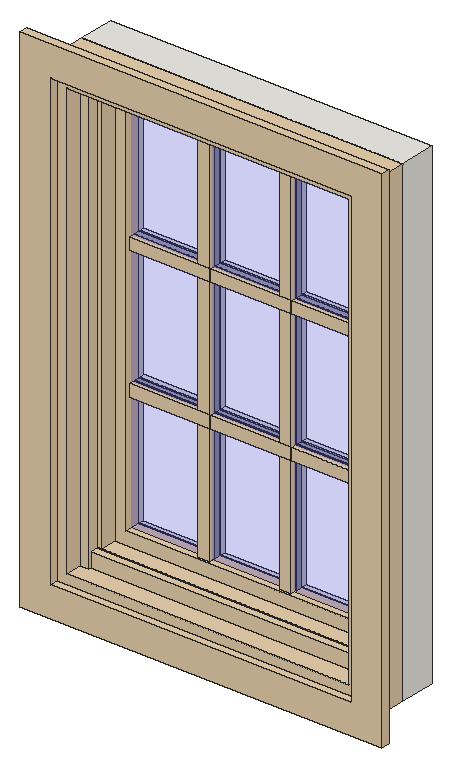
Revit family "Window-Casement-Andersen-A_Series 4", category Windows, host Wall, Revit 2013
Parameters (values of type "19-1/4" x 23-1/4"")
  Visual Light Transmittance = 0.41  # constant formula
  Thermal Resistance (R) = 0.65161  # 3.7000 (h·ft²·°F)/BTU
  TFL = if(Fractional Lights High > 5, 3, if(or(Fractional Lights High = 4, Fractional Lights High = 5), 2, if(or(Fractional Lights High = 2, Fractional Lights High = 3), 1, 1)))  # 1
  TFB = TFL - 1  # 0
  Solar Heat Gain Coefficient = 0.18  # constant formula
  Learn About These Parameters = "http://www.andersenwindows.com/for-professionals/cad-symbols-bim-support-window-doors/bim-support"
  LWide = if(Enter Pattern Number = 3, 3, if(Enter Pattern Number = 1, . . Lights Wide, Fractional Lights Wide))  # 3
  Heat Transfer Coefficient (U) = 1.5331  # 0.2700 BTU/(h·ft²·°F)
  Glazing Material = Glass ‐ Andersen - Low-E4 SmartSun
  Fractional Lights Wide = 2
  Fractional Lights High = 2
  Exterior Unit Finish = Fiberglass - Andersen - White
  Available Grille Bar Sizes = "3/4'', 7/8'', 1 1/8'', 2 1/4''"  # constant formula
  Between Glass Grille Bar Sizes = "3/4'', 1''"  # constant formula
  Interior Casing = yes
  Grille Bar Size = 0' - 0 7/8"
  Enter Pattern Number = 1
  Analytic Construction = "<None>"
  ..Pattern Number 1 = "Colonial"  # constant formula
  . . Lights Wide = 3
  . . Lights High = 3
  ..Pattern Number 2 = "Modified Colonial"  # constant formula
  ..Pattern Number 3 = "Prairie"  # constant formula
  ..Pattern Number 4 = "Short Fractional"  # constant formula
  ..Pattern Number 5 = "Tall Fractional"  # constant formula
  Extension Jamb = yes
  Enter Exterior Trim Number = 0
  ..Exterior Trim Number 0 = "No Exterior Trim"  # constant formula
  ..Exterior Trim Number 1 = "Brick Mould"  # constant formula
  ..Exterior Trim Number 2 = "3 1/2'' Flat Casing"  # constant formula
  ..Exterior Trim Number 3 = "4 1/2'' Flat Casing"  # constant formula
  Interior Grille Bar = yes
  Exterior Grille Bar = yes
  Between Glass Grille Bar = yes
  xjamb Visibility [instance] = and(Wall Depth > 0' 4 9/16", Extension Jamb)  # no
  xjamb S1 [instance] = if(Wall Depth > 0' 4 9/16", Wall Depth - 0' 4 9/16", 0' 3")  # 0' - 3"
  sill nose1 = 0' - 1 13/16"  # constant formula
  sill nose 2 = 0' - 1 15/16"  # constant formula
  casingS2 = if(Enter Exterior Trim Number = 1, 0' 0 3/16", 0' 0 3/16")  # 0' - 0 3/16"
  casingS1 = if(Enter Exterior Trim Number = 1, 0' 0 7/16", 0' 0 3/16")  # 0' - 0 3/16"
  casing4 = if(Enter Exterior Trim Number = 1, 0' 1 3/4", if(Enter Exterior Trim Number = 2, 0' 3 1/4", 0' 4 1/4"))  # 0' - 4 1/4"
  casing3 = 0' - 0 1/2"  # constant formula
  casing2 = 0' - 0 7/8"  # constant formula
  casing1 = 0' - 0 1/4"  # constant formula
  Xjamb 2 = 0' - 0 1/32"
  Xjamb 1 = 0' - 0 23/32"
  Wall Thickness [instance] = 0' - 8"
  Wall Depth [instance] = 0' - 4 9/16"
  Void Offset 2 = if(Enter Exterior Trim Number > 0, 0' 1 15/16", 0' 0")  # 0' - 0"
  Void Offset 1 = if(Enter Exterior Trim Number > 0, casing4, 0' 0")  # 0' - 0"
  Void Depth [instance] = if(Wall Thickness > Wall Depth, 0' 1" + Wall Thickness - Wall Depth, 0' 1")  # 0' - 4 7/16"
  VGB DLO = if(Enter Pattern Number = 3, 0' 4", (H DLO - (Grille Bar Size * (V Bars))) / if(LWide > 2, LWide, 3))  # 0' - 5.20833"
  V Bars = if(Enter Pattern Number = 3, 2, if(LWide > 2, LWide - 1, 2))  # 2
  URL = "www.andersenwindows.com"
  Type Comments = "Fiberglass and Fibrex clad wood casement window"
  TS V DLO = Height - HGO - SGO  # 2' - 4 147/256"
  TS V Bar Length = if(or(Enter Pattern Number = 5, Enter Pattern Number = 2), ((((Height - HGO - SGO - (Grille Bar Size * (Fractional Lights High - 1))) / Fractional Lights High)) * TFL) + (TFB * Grille Bar Size), if(Enter Pattern Number = 4, ((Height - HGO - SGO - (Grille Bar Size * (Fractional Lights High - 1))) / Fractional Lights High), Height - HGO - SGO))  # 2' - 4 147/256"
  TS SH DLO = if(or(Enter Pattern Number = 5, Enter Pattern Number = 2), ((((Height - HGO - SGO - (Grille Bar Size * (Fractional Lights High - 1))) / Fractional Lights High)) * TFL) + (TFB * Grille Bar Size) + HGO + (Grille Bar Size / 2), if(Enter Pattern Number = 4, TS V Bar Length + HGO + (Grille Bar Size / 2), (TS V DLO / 2) + HGO))  # 1' - 5.59961"
  TS S V = or(and(LWide = 2, Enter Pattern Number = 1), and(Fractional Lights Wide = 2, or(or(Enter Pattern Number = 2, Enter Pattern Number = 4), Enter Pattern Number = 5)))  # no
  TS S H Craftsman = and(Enter Pattern Number = 2, or(Fractional Lights High = 4, Fractional Lights High = 5))  # no
  TS S H = or(or(or(and(. . Lights High = 2, Enter Pattern Number = 1), and(Enter Pattern Number = 4, Fractional Lights High > 1)), and(Enter Pattern Number = 5, Fractional Lights High > 1)), and(Enter Pattern Number = 2, Fractional Lights High > 1))  # no
  TS M V = LWide > 2  # yes
  TS M H = or(or(Enter Pattern Number = 3, and(. . Lights High > 2, Enter Pattern Number = 1)), and(Enter Pattern Number = 2, Fractional Lights High > 5))  # yes
  TS HGB DLO = if(Enter Pattern Number = 1, if(. . Lights High > 2, ((TS V Bar Length - (Grille Bar Size * (. . Lights High - 1))) / . . Lights High), 0' 4"), if(Enter Pattern Number = 3, 0' 4", if(Fractional Lights High > 2, ((TS V Bar Length - (Grille Bar Size * 2)) / 3), 0' 4")))  # 0' - 8 241/256"
  TS H Bars = if(Enter Pattern Number = 3, 2, if(Enter Pattern Number = 1, if(. . Lights High > 2, . . Lights High - 1, 2), 2))  # 2
  Step Visibility = no
  Step Jamb2 = 0' - 0 13/16"
  Step Jamb1 = 0' - 1 1/8"  # constant formula
  Sill Stop Dim [instance] = 0' - 3 23/128"
  SGO = 0' - 4 29/256"  # constant formula
  Rough Width = Width + (Rough Opening Offset * 2)  # 2' - 0 3/4"
  Rough Opening Offset = 0' - 0 3/8"
  Rough Height = Height + (Rough Opening Offset * 2)  # 3' - 0 3/4"
  Push Out Stop Visibility [instance] = no
  Product Documentation Link = "http://www.andersenwindows.com/products/a-series-casement-window/"
  Plan Exterior Mask Visibility [instance] = Plan Exterior Mask 2 > 0' 0 1/32"  # yes
  Plan Exterior Mask 2 [instance] = if(Enter Exterior Trim Number > 0, if(Wall Depth + 0' 1 1/16" + casingS1 > Wall Thickness, 0' 0 1/32", Wall Thickness - Wall Depth - 0' 1 1/16" - casingS1), if(Wall Depth + 0' 1 1/16" > Wall Thickness, 0' 0 1/32", Wall Thickness - Wall Depth - 0' 0 1/16"))  # 0' - 3 3/8"
  Plan Exterior Mask [instance] = if(Enter Exterior Trim Number > 0, 0' 1 1/16" + casingS1, 0' 1 1/16")  # 0' - 1 1/16"
  Nail Fin Visibility = Enter Exterior Trim Number = 0  # yes
  Model = "A-Series Casement"  # constant formula
  Masonry Width = if(Enter Exterior Trim Number > 0, Width + ((casing4 + Masonry Opening Offset) * 2), Width + (Masonry Opening Offset * 2))  # 2' - 0 3/4"
  Masonry Opening Offset = 0' - 0 3/8"
  Masonry Height = if(Enter Exterior Trim Number > 0, Height + (casing4 + Masonry Opening Offset) + (sill nose 2 + Masonry Opening Offset), Height + (Masonry Opening Offset * 2))  # 3' - 0 3/4"
  Manufacturer = "Andersen Corporation"  # constant formula
  JGO = 0' - 3 5/16"  # constant formula
  Interior Trim Visibility = Interior Casing  # yes
  Interior Material = Wood - Andersen - Pine
  Interior Casing Size = 0' - 2 1/4"
  Horizontal Craftsman Bar Size = Grille Bar Size  # 0' - 0 7/8"
  Height = 3' - 0"
  Head Stop Dim [instance] = 0' - 2 121/256"
  HGO = 0' - 3 5/16"  # constant formula
  H DLO = Width - (JGO * 2)  # 1' - 5 3/8"
  Family Version = "01.01.15"  # constant formula
  Exterior Trim Finish = Fibrex Composite - Andersen - White
  Designation = "ACW2030"
  Description = "Composite-clad wood casement window"  # constant formula
  Default Sill Height = 6' 10 1/2" - Rough Height  # 3' - 9 3/4"
  Wall Closure = By host
  Width = 2' - 0"
  Crank Out Stop Visibility [instance] = yes
  Coarse Plan [instance] = if(Wall Depth < Wall Thickness, Wall Depth, Wall Thickness)  # 0' - 4 9/16"
  Casing Visibility = Enter Exterior Trim Number > 0  # no
  Between Glass Grille Bar Finish = Stainless Steel - Andersen - Standard
  Bar Center Line = if(Enter Pattern Number = 3, 1, 2)  # 2
  Assembly Code = "B2020100"
Reference planes (in)
  plane 1 "Center (Front/Back)": y = 0
  plane 2: z = 0
  plane 3 "Center (Left/Right)": x = 0
  plane 4 "R Frame": x = -12
  plane 5 "L Frame": x = 12
  plane 6 "B Frame": z = 46.25
  plane 7 "T Frame": z = 82.25
  plane 8 "L Glazing": x = 8.6875
  plane 9 "L Ext Frame": x = 11.375
  plane 10 "L Stop": x = 9.53125
  plane 11 "L Xjamb 1": x = 11.28125
  plane 12 "L Casing 1": x = 11.75
  plane 13 "L Xjamb 2": x = 11.96875
  plane 14 "L Rough Opening": x = 12.375
  plane 15 "L Casing 2": x = 15.375
  plane 16 "L Casing 3": x = 15.75
  plane 17 "L Casing 4": x = 16.25
  plane 18 "R Glazing": x = -8.6875
  plane 19 "R Ext Frame": x = -11.375
  plane 20 "R Stop": x = -9.528
  plane 21 "R Xjamb 1": x = -11.28125
  plane 22 "R Casing 1": x = -11.75
  plane 23 "R Xjamb 2": x = -11.96875
  plane 24 "R Rough Opening": x = -12.375
  plane 25 "R Casing 2": x = -15.375
  plane 26 "R Casing 3": x = -15.75
  plane 27 "R Casing 4": x = -16.25
  plane 28 "R Int Casing": x = -13.53125
  plane 29 "T Glazing": z = 78.9375
  plane 30 "T Ext Frame": z = 81.625
  plane 31 "T Xjamb 1": z = 81.53125
  plane 32 "T Casing 1": z = 82
  plane 33 "T Xjamb 2": z = 82.21875
  plane 34 "T Rough Opening": z = 82.625
  plane 35 "T Casing 2": z = 85.625
  plane 36 "T Casing 3": z = 86
  plane 37 "T Casing 4": z = 86.5
  plane 38 "T Int Casing": z = 83.78125
  plane 39 "B Glazing": z = 50.36328
  plane 40 "B Ext Frame": z = 46.875
  plane 41 "B Xjamb 2": z = 46.875
  plane 42 "B Casing 1": z = 46.5
  plane 43 "B Casing 2": z = 44.3125
  plane 44 "B Int Casing": z = 45.3125
  plane 45 "L Int Casing": x = 13.53125
  plane 46 "Casing S1": y = 2.062
  plane 47 "Casing S2": y = 2.062
  plane 48 "Frame S1": y = 1.8745
  plane 49 "Flange": y = 0.5625
  plane 50 "Glass1 S1": y = 0.42381
  plane 51 "Glass1 S2": y = 0.30181
  plane 52 "Glass1 S3": y = -0.21919
  plane 53 "Glass1 S4": y = -0.34119
  plane 54 "Sash1 S2": y = -0.78619
  plane 55 "Frame S2": y = -4
  plane 56 "B Xjamb 1": z = 47.5625
  plane 57 "Exterior Offset": y = 5
  plane 58 "Interior Casing": y = -4.625
  plane 59 "Vertical Bar Length": z = 50.36328
  plane 60 "B Rough Opening": z = 45.875
  plane 61 "R Masonry Opening": x = -16.625
  plane 62 "L Masonry Opening": x = 16.625
  plane 63 "T Masonry Opening": z = 86.875
  plane 64 "B Masonry Opening": z = 43.9375
  plane 65 "Xjamb S1": y = -1
  plane 66 "Sash1 S1": y = 0.80581
  plane 67 "R Sash": x = -11.0171
  plane 68 "L Sash": x = 11.03125
  plane 69 "Stop S1": y = -2.78619
  plane 70 "B Sash": z = 47.2319
  plane 71 "T Sash": z = 81.2671
  plane 72 "T Int Frame": z = 80.818
  plane 73 "B Int Frame": z = 48.275
  plane 74 "L Int Frame": x = 10.5625
  plane 75 "R Int Frame": x = -10.568
  plane 76 "T Stop": z = 79.77734
  plane 77 "B Stop": z = 49.42969
Forms (in)
  Extrusion 1, void
    sketch origin (0, 0, 0) x (1, 0, 0) y (0, 0, 1)
      loop
        line (12, 82.25) -> (-12, 82.25) -> (-12, 46.25) -> (12, 46.25) -> (12, 82.25)
    from -0.5625 to 4
  Extrusion 2, void
    sketch origin (0, 0, 0) x (1, 0, 0) y (0, 0, 1)
      loop
        line (12, 82.25) -> (-12, 82.25) -> (-12, 46.25) -> (12, 46.25) -> (12, 82.25)
    from -16 to -0.5625
  Extrusion 3, solid, material "Wood - Andersen - Pine" <- "Interior Material", visible <- "xjamb Visibility", detail levels medium+fine
    sketch origin (0, -2.5625, 0) x (-1, 0, 0) y (0, 0, 1)
      loop
        line (11.96875, 82.21875) -> (-11.96875, 82.21875) -> (-11.96875, 46.875) -> (11.96875, 46.875) -> (11.96875, 82.21875)
      loop
        line (11.28125, 81.53125) -> (-11.28125, 81.53125) -> (-11.28125, 47.5625) -> (11.28125, 47.5625) -> (11.28125, 81.53125)
    from 1.5625 to -1.4375
  Extrusion 4, solid, material "Wood - Andersen - Pine" <- "Interior Material", visible <- "Interior Trim Visibility", detail levels fine
    sketch origin (0, -4.625, 0) x (-1, 0, 0) y (0, 0, 1)
      loop
        line (13.53125, 83.78125) -> (-13.53125, 83.78125) -> (-13.53125, 45.3125) -> (13.53125, 45.3125) -> (13.53125, 83.78125)
      loop
        line (11.28125, 81.53125) -> (-11.28125, 81.53125) -> (-11.28125, 47.5625) -> (11.28125, 47.5625) -> (11.28125, 81.53125)
    from 0 to 0.625
  Extrusion 5, solid, material "Fibrex Composite - Andersen - White" <- "Exterior Trim Finish", visible <- "Casing Visibility", detail levels medium+fine
    sketch origin (0, 0, 0) x (0, 1, 0) y (0, 0, 1)
      loop
        line (1.31163, 46.25) -> (0.5625, 46.25) -> (0.5625, 44.3125) -> (2.375, 44.3125) -> (2.375, 46.0625) -> (1.31163, 46.25)
    from -16.25 to 16.25
  Sweep 6, solid, material "Fibrex Composite - Andersen - White" <- "Exterior Trim Finish", visible <- "Casing Visibility", detail levels medium+fine
    path origin (0, 0.5625, 0) x (-1, 0, 0) y (0, 0, 1)
      loop
        line (-16.25, 44.3125) -> (-16.25, 86.5) -> (16.25, 86.5) -> (16.25, 44.3125)
    profile origin (16.25, 0.5625, 65.40625) x (1, 0, 0) y (0, 1, 0)
      loop
        line (-0.875, 1.4995) -> (-4.5, 1.4995) -> (-4.5, 0) -> (0, 0) -> (0, 1.4995) -> (-0.5, 1.4995) -> (-0.875, 1.4995)
  Extrusion 7, solid, material "Fibrex Composite - Andersen - White" <- "Exterior Trim Finish", visible <- "Casing Visibility", detail levels coarse
    sketch origin (0, 0.5625, 0) x (-1, 0, 0) y (0, 0, 1)
      loop
        line (-16.25, 86.5) -> (-16.25, 44.3125) -> (16.25, 44.3125) -> (16.25, 86.5) -> (-16.25, 86.5)
      loop
        line (-11.75, 82) -> (-11.75, 46.25) -> (11.75, 46.25) -> (11.75, 82) -> (-11.75, 82)
    from 0 to 1.4995
  Extrusion 8, solid, material "Wood - Andersen - Pine" <- "Interior Material"
    sketch origin (0, -0.78619, 0) x (-1, 0, 0) y (0, 0, 1)
      loop
        line (11.0171, 81.2671) -> (-11.03125, 81.2671) -> (-11.03125, 47.2319) -> (11.0171, 47.2319) -> (11.0171, 81.2671)
      loop
        line (8.6875, 78.9375) -> (-8.6875, 78.9375) -> (-8.6875, 50.36328) -> (8.6875, 50.36328) -> (8.6875, 78.9375)
    from 0 to 1.21
  Extrusion 9, solid, material "Fiberglass - Andersen - White" <- "Exterior Unit Finish"
    sketch origin (0, 80.71747, 0) x (-1, 0, 0) y (0, 0, 1)
      loop
        line (-8.6875, 78.9375) -> (-8.6875, 50.36328) -> (8.6875, 50.36328) -> (8.6875, 78.9375) -> (-8.6875, 78.9375)
      loop
        line (-11.03125, 47.2319) -> (11.0171, 47.2319) -> (11.0171, 81.2671) -> (-11.03125, 81.2671) -> (-11.03125, 47.2319)
    from -79.91166 to -80.29366
  Extrusion 10, solid, material "Glass ‐ Andersen - Low-E4 SmartSun" <- "Glazing Material"
    sketch origin (0, -0.34119, 0) x (-1, 0, 0) y (0, 0, 1)
      loop
        line (-8.6875, 78.9375) -> (-8.6875, 50.36328) -> (8.6875, 50.36328) -> (8.6875, 78.9375) -> (-8.6875, 78.9375)
    from 0 to 0.765
  Extrusion 11, solid, material "Fiberglass - Andersen - White" <- "Exterior Unit Finish"
    sketch origin (0, 0, 0) x (1, 0, 0) y (0, 0, 1)
      loop
        line (12, 82.25) -> (-12, 82.25) -> (-12, 46.25) -> (12, 46.25) -> (12, 82.25)
      loop
        line (11.375, 81.625) -> (-11.375, 81.625) -> (-11.375, 46.875) -> (11.375, 46.875) -> (11.375, 81.625)
    from -1.8745 to 0.78619
  Extrusion 12, solid, material "Wood - Andersen - Pine" <- "Interior Material"
    sketch origin (0, 0, 0) x (1, 0, 0) y (0, 0, 1)
      loop
        line (12, 82.25) -> (-12, 82.25) -> (-12, 46.25) -> (12, 46.25) -> (12, 82.25)
      loop
        line (10.5625, 80.818) -> (-10.568, 80.818) -> (-10.568, 48.275) -> (10.5625, 48.275) -> (10.5625, 80.818)
    from 0.78619 to 4
  Extrusion 13, solid, material "Wood - Andersen - Pine" <- "Interior Material", detail levels medium+fine
    sketch origin (0, 0, 0) x (0, 1, 0) y (0, 0, 1)
      loop
        line (-1.98274, 49.42969) -> (-1.98619, 49.331) -> (-2.58619, 49.331) -> (-2.58619, 48.275) -> (-0.78619, 48.275) -> (-0.78619, 49.42969) -> (-1.98274, 49.42969)
    from -10.568 to 10.5625
  Extrusion 14, solid, material "Wood - Andersen - Pine" <- "Interior Material", detail levels medium+fine
    sketch origin (0, 0, 0) x (1, 0, 0) y (0, 1, 0)
      loop
        line (-10.568, -2.78619) -> (-9.888, -2.78619) -> (-9.888, -1.9799) -> (-9.528, -1.9799) -> (-9.528, -0.78619) -> (-10.568, -0.78619) -> (-10.568, -2.78619)
      loop
        line (10.5625, -2.78619) -> (10.5625, -0.78619) -> (9.53125, -0.78619) -> (9.53125, -1.9799) -> (9.888, -1.9799) -> (9.888, -2.78619) -> (10.5625, -2.78619)
    from 48.275 to 80.818
  Extrusion 15, solid, material "Wood - Andersen - Pine" <- "Interior Material", detail levels medium+fine
    sketch origin (0, 0, 0) x (0, 1, 0) y (0, 0, 1)
      loop
        line (-2.78619, 80.818) -> (-2.78619, 80.138) -> (-1.9799, 80.138) -> (-1.9799, 79.778) -> (-0.78619, 79.778) -> (-0.78619, 80.818) -> (-2.78619, 80.818)
    from -10.568 to 10.5625
Cuts and joins
  joined: Extrusion 5, Sweep 6
  joined: Extrusion 13, Extrusion 14, Extrusion 15
Lines and regions (in)
  Masking region 1, detail levels medium+fine
    outline origin (0, 0, 46.25) x (0, -1, 0) y (1, 0, 0)
      loop
        line (-1.8745, -12) -> (4, -12) -> (4, 12) -> (-1.8745, 12) -> (-1.8745, -12)
  Masking region 2, visible <- "Casing Visibility", detail levels medium+fine
    outline origin (0, 0, 46.25) x (0, -1, 0) y (1, 0, 0)
      loop
        line (-1.8745, -12) -> (-1.8745, 12) -> (-0.5625, 12) -> (-0.5625, 16.25) -> (-2.062, 16.25) -> (-2.062, -16.25) -> (-0.5625, -16.25) -> (-0.5625, -12) -> (-1.8745, -12)
  Masking region 3, visible <- "Nail Fin Visibility", detail levels coarse
    outline origin (0, 0, 46.25) x (0, -1, 0) y (1, 0, 0)
      loop
        line (-5, -12) -> (4, -12) -> (4, 12) -> (-5, 12) -> (-5, -12)
  Masking region 4
    outline origin (0, 0, 0) x (0, 1, 0) y (0, 0, 1)
      loop
        line (1.8745, 82.25) -> (-4, 82.25) -> (-4, 46.25) -> (1.8745, 46.25) -> (1.8745, 82.25)
  Masking region 5, visible <- "Casing Visibility"
    outline origin (0, 0, 0) x (0, 1, 0) y (0, 0, 1)
      loop
        line (1.8745, 46.15075) -> (1.8745, 46.25) -> (0.5625, 46.25) -> (0.5625, 44.3125) -> (2.375, 44.3125) -> (2.375, 46.0625) -> (1.8745, 46.15075)
  Masking region 6, visible <- "Casing Visibility"
    outline origin (0, 0, 0) x (0, 1, 0) y (0, 0, 1)
      loop
        line (1.8745, 82.25) -> (1.8745, 46.15075) -> (2.062, 46.11769) -> (2.062, 86.5) -> (0.5625, 86.5) -> (0.5625, 82.25) -> (1.8745, 82.25)
  Masking region 7, visible <- "Casing Visibility"
    outline origin (0, 1.8745, 0) x (-1, 0, 0) y (0, 0, 1)
      loop
        line (-16.25, 86.5) -> (-16.25, 44.3125) -> (16.25, 44.3125) -> (16.25, 86.5) -> (-16.25, 86.5)
  Masking region 8
    outline origin (0, 1.8745, 0) x (-1, 0, 0) y (0, 0, 1)
      loop
        line (-12, 82.25) -> (-12, 46.25) -> (12, 46.25) -> (12, 82.25) -> (-12, 82.25)
  Masking region 9
    outline origin (0, -4, 0) x (-1, 0, 0) y (0, 0, 1)
      loop
        line (12, 82.25) -> (-12, 82.25) -> (-12, 46.25) -> (12, 46.25) -> (12, 82.25)
  Masking region 10, visible <- "Interior Trim Visibility", detail levels fine
    outline origin (0, -4.625, 0) x (-1, 0, 0) y (0, 0, 1)
      loop
        line (13.53125, 83.78125) -> (-13.53125, 83.78125) -> (-13.53125, 45.3125) -> (13.53125, 45.3125) -> (13.53125, 83.78125)
      loop
        line (11.28125, 81.53125) -> (-11.28125, 81.53125) -> (-11.28125, 47.5625) -> (11.28125, 47.5625) -> (11.28125, 81.53125)
  Masking region 11, visible <- "Casing Visibility", detail levels coarse
    outline origin (0, 0, 46.25) x (0, -1, 0) y (1, 0, 0)
      loop
        line (-5, -16.25) -> (-0.5625, -16.25) -> (-0.5625, -12) -> (4, -12) -> (4, 12) -> (-0.5625, 12) -> (-0.5625, 16.25) -> (-5, 16.25) -> (-5, -16.25)
  Masking region 12, visible <- "xjamb Visibility", detail levels medium+fine
    outline origin (0, 0, 0) x (0, 1, 0) y (0, 0, 1)
      loop
        line (-1, 82.21875) -> (-4, 82.21875) -> (-4, 46.875) -> (-1, 46.875) -> (-1, 82.21875)
  Masking region 13, visible <- "Interior Trim Visibility", detail levels fine
    outline origin (0, 0, 0) x (0, 1, 0) y (0, 0, 1)
      loop
        line (-4, 83.78125) -> (-4.625, 83.78125) -> (-4.625, 45.3125) -> (-4, 45.3125) -> (-4, 83.78125)
  Masking region 14, visible <- "xjamb Visibility", detail levels medium+fine
    outline origin (0, 0, 46.25) x (0, -1, 0) y (1, 0, 0)
      loop
        line (1, -11.96875) -> (4, -11.96875) -> (4, 11.96875) -> (1, 11.96875) -> (1, -11.96875)
  Masking region 15, visible <- "Interior Trim Visibility", detail levels fine
    outline origin (0, 0, 46.25) x (0, -1, 0) y (1, 0, 0)
      loop
        line (4, -13.53125) -> (4.625, -13.53125) -> (4.625, 13.53125) -> (4, 13.53125) -> (4, -13.53125)
  symbolic lines, style "WindowsFrameMullionProjection", visible <- "Casing Visibility", detail levels fine
    curve 1: line (15.75, 2.062, 46.25) -> (15.375, 2.062, 46.25)
    curve 2: line (15.375, 2.062, 46.25) -> (11.75, 2.062, 46.25)
    curve 3: line (11.75, 2.062, 46.25) -> (11.75, 1.8745, 46.25)
    curve 4: line (-15.75, 2.062, 46.25) -> (-15.375, 2.062, 46.25)
    curve 5: line (-15.375, 2.062, 46.25) -> (-11.75, 2.062, 46.25)
    curve 6: line (-11.75, 2.062, 46.25) -> (-11.75, 1.8745, 46.25)
  symbolic lines, style "WindowsGlassProjection", detail levels medium+fine
    curve 7: line (-8.6875, 0.42381, 46.25) -> (8.6875, 0.42381, 46.25)
    curve 10: line (-8.6875, -0.34119, 46.25) -> (8.6875, -0.34119, 46.25)
  symbolic lines, style "WindowsGlassProjection", detail levels fine
    curve 8: line (-8.6875, 0.30181, 46.25) -> (8.6875, 0.30181, 46.25)
    curve 9: line (-8.6875, -0.21919, 46.25) -> (8.6875, -0.21919, 46.25)
    curve 27: line (0, 0.30181, 78.9375) -> (0, 0.30181, 50.36328)
    curve 28: line (0, -0.21919, 78.9375) -> (0, -0.21919, 50.36328)
    curve 73: line (-9.1685, 0.30181, 46.25) -> (-8.6875, 0.30181, 46.25)
    curve 79: line (-8.8385, 0.30181, 46.25) -> (-8.8385, -0.21919, 46.25)
    curve 81: line (-8.6875, -0.21919, 46.25) -> (-9.1685, -0.21919, 46.25)
    curve 127: line (9.1685, 0.30181, 46.25) -> (8.6875, 0.30181, 46.25)
    curve 133: line (8.8385, 0.30181, 46.25) -> (8.8385, -0.21919, 46.25)
    curve 135: line (8.6875, -0.21919, 46.25) -> (9.1685, -0.21919, 46.25)
    curve 171: line (0, 0.30181, 79.4185) -> (0, 0.30181, 78.9365)
    curve 172: line (0, 0.30181, 79.0885) -> (0, -0.21919, 79.0885)
    curve 174: line (0, -0.21919, 78.9365) -> (0, -0.21919, 79.4185)
    curve 240: line (0, 0.30181, 49.8685) -> (0, 0.30181, 50.3625)
    curve 241: line (0, 0.30181, 50.1985) -> (0, -0.21919, 50.1985)
    curve 242: line (0, -0.21919, 50.3625) -> (0, -0.21919, 49.8685)
  symbolic lines, style "WindowsFrameMullionProjection", detail levels medium
    curve 11: line (-11.0171, 0.80581, 46.25) -> (-8.6875, 0.80581, 46.25)
    curve 12: line (-8.6875, 0.80581, 46.25) -> (-8.6875, -0.78619, 46.25)
    curve 13: line (-8.6875, -0.78619, 46.25) -> (-11.0171, -0.78619, 46.25)
    curve 14: line (-11.0171, 1.8745, 46.25) -> (-11.0171, -0.78619, 46.25)
    curve 15: line (11.03125, 0.80581, 46.25) -> (8.6875, 0.80581, 46.25)
    curve 16: line (8.6875, 0.80581, 46.25) -> (8.6875, -0.78619, 46.25)
    curve 17: line (8.6875, -0.78619, 46.25) -> (11.03125, -0.78619, 46.25)
    curve 18: line (11.03125, 1.8745, 46.25) -> (11.03125, -0.78619, 46.25)
    curve 44: line (11.03125, -0.78619, 0) -> (9.53125, -0.78619, 0)
    curve 45: line (9.53125, -0.78619, 0) -> (9.53125, -2.78619, 0)
    curve 46: line (-11.0171, -0.78619, 0) -> (-9.528, -0.78619, 0)
    curve 47: line (-9.528, -0.78619, 0) -> (-9.528, -2.78619, 0)
    curve 154: line (-10.568, -2.78619, 0) -> (-10.568, -4, 0)
    curve 155: line (-9.528, -2.78619, 0) -> (-10.568, -2.78619, 0)
    curve 156: line (9.53125, -2.78619, 0) -> (10.5625, -2.78619, 0)
    curve 157: line (10.5625, -2.78619, 0) -> (10.5625, -4, 0)
  symbolic lines, style "WindowsFrameMullionProjection", detail levels coarse
    curve 19: line (-9.528, -4, 46.25) -> (-9.528, 5, 46.25)
    curve 20: line (9.53125, -4, 46.25) -> (9.53125, 5, 46.25)
  symbolic lines, style "WindowsGlassProjection", detail levels coarse
    curve 21: line (-9.528, 0, 46.25) -> (9.53125, 0, 46.25)
    curve 22: line (-9.528, 1, 46.25) -> (9.53125, 1, 46.25)
  symbolic lines, style "WindowsFrameMullionProjection", visible <- "Casing Visibility"
    curve 23: line (0, 2.062, 86) -> (0, 2.062, 85.625)
    curve 24: line (0, 2.062, 85.625) -> (0, 2.062, 82)
    curve 25: line (0, 2.062, 82) -> (0, 1.8745, 82)
    curve 69: line (0, 2.062, 86.5) -> (0, 0.5625, 86.5)
    curve 70: line (0, 2.062, 44.3125) -> (0, 0.5625, 44.3125)
  symbolic lines, style "WindowsGlassProjection"
    curve 26: line (0, 0.42381, 78.9375) -> (0, 0.42381, 50.36328)
    curve 29: line (0, -0.34119, 78.9375) -> (0, -0.34119, 50.36328)
  symbolic lines, style "WindowsFrameMullionProjection", detail levels medium+fine
    curve 30: line (11.03125, 1.8745, 81.2671) -> (-11.0171, 1.8745, 81.2671)
    curve 31: line (11.03125, 1.8745, 47.2319) -> (11.03125, 1.8745, 81.2671)
    curve 32: line (-11.0171, 1.8745, 47.2319) -> (11.03125, 1.8745, 47.2319)
    curve 33: line (-11.0171, 1.8745, 81.2671) -> (-11.0171, 1.8745, 47.2319)
    curve 38: line (-9.528, -4, 79.77734) -> (9.53125, -4, 79.77734)
    curve 39: line (-9.528, -4, 50.36328) -> (-9.528, -4, 79.77734)
    curve 40: line (9.53125, -4, 50.36328) -> (-9.528, -4, 50.36328)
    curve 41: line (9.53125, -4, 79.77734) -> (9.53125, -4, 50.36328)
    curve 50: line (-10.568, -4, 80.818) -> (10.5625, -4, 80.818)
    curve 51: line (-10.568, -4, 48.275) -> (-10.568, -4, 80.818)
    curve 52: line (10.5625, -4, 48.275) -> (-10.568, -4, 48.275)
    curve 53: line (10.5625, -4, 80.818) -> (10.5625, -4, 48.275)
    curve 99: line (-12, 0.5625, 46.25) -> (-13.625, 0.5625, 46.25)
    curve 153: line (12, 0.5625, 46.25) -> (13.625, 0.5625, 46.25)
  symbolic lines, style "WindowsFrameMullionProjection"
    curve 34: line (8.6875, 0, 78.9375) -> (-8.6875, 0, 78.9375)
    curve 35: line (8.6875, 0, 50.36328) -> (8.6875, 0, 78.9375)
    curve 36: line (-8.6875, 0, 78.9375) -> (-8.6875, 0, 50.36328)
    curve 37: line (-8.6875, 0, 50.36328) -> (8.6875, 0, 50.36328)
    curve 67: line (-12, 0.5625, 46.25) -> (-12, -4, 46.25)
    curve 68: line (12, 0.5625, 46.25) -> (12, -4, 46.25)
    curve 158: line (0, 0.33936, 81.45) -> (0, 1.87531, 81.625)
    curve 159: line (0, -0.30469, 81.45) -> (0, 0.33936, 81.45)
    curve 160: line (0, -0.30469, 80.684) -> (0, -0.30469, 81.45)
    curve 161: line (0, -0.78619, 80.684) -> (0, -0.30469, 80.684)
    curve 162: line (0, -1.9799, 79.778) -> (0, -0.78619, 79.778)
    curve 163: line (0, -1.9799, 80.138) -> (0, -1.9799, 79.778)
    curve 164: line (0, -2.78619, 80.138) -> (0, -1.9799, 80.138)
    curve 165: line (0, -2.78619, 80.818) -> (0, -2.78619, 80.138)
    curve 166: line (0, -3.84375, 80.818) -> (0, -0.78619, 80.818)
    curve 167: line (0, 0.80581, 81.2671) -> (0, 0.32781, 81.18282)
    curve 168: line (0, 0.80581, 79.12991) -> (0, 0.80581, 81.2671)
    curve 169: line (0, 0.47081, 78.9365) -> (0, 0.80581, 79.12991)
    curve 170: line (0, 0.42381, 79.4185) -> (0, 0.42381, 78.9365)
    curve 173: line (0, 0.42381, 78.9365) -> (0, 0.47081, 78.9365)
    curve 175: line (0, 0.42381, 79.4185) -> (0, -0.34119, 79.4185)
    curve 176: line (0, -0.34119, 79.4185) -> (0, -0.34119, 78.9365)
    curve 177: line (0, -0.46768, 78.9365) -> (0, -0.34119, 78.9365)
    curve 178: line (0, -0.78619, 79.25501) -> (0, -0.46768, 78.9365)
    curve 179: line (0, -0.78619, 80.818) -> (0, -0.78619, 79.25501)
    curve 180: line (0, -0.17219, 80.4995) -> (0, -0.78619, 80.4995)
    curve 181: line (0, -0.17219, 81.0125) -> (0, -0.17219, 80.4995)
    curve 182: line (0, 0.32781, 81.0125) -> (0, -0.17219, 81.0125)
    curve 183: line (0, 0.32781, 81.18282) -> (0, 0.32781, 81.0125)
    curve 210: line (0, 0.80581, 50.16909) -> (0, 0.47081, 50.3625)
    curve 211: line (0, 0.80581, 47.2319) -> (0, 0.80581, 50.16909)
    curve 212: line (0, 0.49615, 47.2865) -> (0, 0.80581, 47.2319)
    curve 213: line (0, 0.32781, 47.2865) -> (0, 0.49615, 47.2865)
    curve 214: line (0, 0.32781, 47.4865) -> (0, 0.32781, 47.2865)
    curve 215: line (0, -0.17219, 47.4865) -> (0, 0.32781, 47.4865)
    curve 216: line (0, -0.17219, 48.0765) -> (0, -0.17219, 47.4865)
    curve 217: line (0, -0.41219, 48.0765) -> (0, -0.17219, 48.0765)
    curve 218: line (0, -0.41219, 48.9495) -> (0, -0.41219, 48.0765)
    curve 219: line (0, -0.78619, 48.9495) -> (0, -0.41219, 48.9495)
    curve 220: line (0, -0.77285, 48.275) -> (0, -0.77285, 47.816)
    curve 221: line (0, -0.77285, 47.816) -> (0, -0.30469, 47.816)
    curve 222: line (0, -0.30469, 47.816) -> (0, -0.30469, 47.05)
    curve 223: line (0, -0.30469, 47.05) -> (0, 0.33936, 47.05)
    curve 224: line (0, 0.33936, 47.05) -> (0, 1.87531, 46.875)
    curve 225: line (0, 0.5625, 46.25) -> (0, 0.5625, 44.625)
    curve 226: line (0, -3.84375, 48.275) -> (0, -0.77285, 48.275)
    curve 227: line (0, -2.58619, 48.275) -> (0, -2.58619, 49.331)
    curve 228: line (0, -2.58619, 49.331) -> (0, -1.98619, 49.331)
    curve 229: line (0, -1.98269, 49.431) -> (0, -1.98619, 49.331)
    curve 230: line (0, -0.78619, 49.431) -> (0, -1.98269, 49.431)
    curve 231: line (0, -0.78619, 50.0625) -> (0, -0.78619, 48.9495)
    curve 232: line (0, -0.78619, 49.168) -> (0, -1.21662, 49.168)
    curve 233: line (0, -1.21662, 49.168) -> (0, -1.97719, 48.96421)
    curve 234: line (0, -1.97719, 48.96421) -> (0, -1.97719, 48.275)
    curve 235: line (0, -0.47401, 50.3625) -> (0, -0.78619, 50.0625)
    curve 236: line (0, -0.34119, 50.3625) -> (0, -0.47401, 50.3625)
    curve 237: line (0, 0.42381, 50.3625) -> (0, 0.42381, 49.8685)
    curve 238: line (0, 0.47081, 50.3625) -> (0, 0.42381, 50.3625)
    curve 239: line (0, 0.42381, 49.8685) -> (0, -0.34119, 49.8685)
    curve 243: line (0, -0.34119, 49.8685) -> (0, -0.34119, 50.3625)
    curve 281: line (0, -4, 48.11875) -> (0, -3.84375, 48.275)
    curve 283: line (0, -4, 80.97425) -> (0, -3.84375, 80.818)
  symbolic lines, style "WindowsFrameMullionProjection", visible <- "Casing Visibility", detail levels medium
    curve 42: line (-12, 1.8745, 46.25) -> (-12, 2.062, 46.25)
    curve 43: line (12, 2.062, 46.25) -> (12, 1.8745, 46.25)
  symbolic lines, style "WindowsFrameMullionProjection", visible <- "Nail Fin Visibility"
    curve 48: line (0, 0.5625, 83.875) -> (0, 0.5625, 82.25)
    curve 49: line (0, 0.5625, 46.25) -> (0, 0.5625, 44.625)
  symbolic lines, style "Elevation Swing"
    curve 54: line (11.03125, 0, 81.2671) -> (-11.0171, 0, 64.77105)
    curve 55: line (-11.0171, 0, 64.77105) -> (11.03125, 0, 47.2319)
  symbolic lines, style "InvisibleLines", detail levels coarse
    curve 56: line (-12, -4, 0) -> (12, -4, 0)
  symbolic lines, style "WindowsFrameMullionProjection", visible <- "Step Visibility", detail levels medium+fine
    curve 57: line (0, -1, 80.818) -> (0, -3.37469, 80.818)
    curve 60: line (0, -1, 48.275) -> (0, -3.37469, 48.275)
  symbolic lines, style "WindowsFrameMullionProjection", visible <- "xjamb Visibility", detail levels medium+fine
    curve 58: line (0, -1, 81.53125) -> (0, -4, 81.53125)
    curve 61: line (0, -1, 47.5625) -> (0, -4, 47.5625)
    curve 63: line (-11.28125, -1, 46.25) -> (-11.28125, -4, 46.25)
    curve 65: line (11.28125, -1, 46.25) -> (11.28125, -4, 46.25)
  symbolic lines, style "WindowsFrameMullionProjection", visible <- "Interior Trim Visibility", detail levels fine
    curve 59: line (0, -4, 81.53125) -> (0, -4.625, 81.53125)
    curve 62: line (0, -4, 47.5625) -> (0, -4.625, 47.5625)
    curve 64: line (-11.28125, -4, 46.25) -> (-11.28125, -4.625, 46.25)
    curve 66: line (11.28125, -4, 46.25) -> (11.28125, -4.625, 46.25)
  symbolic lines, style "WindowsFrameMullionProjection", visible <- "Nail Fin Visibility", not visible
    curve 71: line (0, 1.5625, 46.25) -> (0, 1.5625, 44.625)
    curve 72: line (0, 1.5625, 83.875) -> (0, 1.5625, 82.25)
  symbolic lines, style "WindowsFrameMullionProjection", detail levels fine
    curve 74: line (-9.1685, 0.42381, 46.25) -> (-8.6865, 0.42381, 46.25)
    curve 75: line (-8.6865, 0.42381, 46.25) -> (-8.6865, 0.47081, 46.25)
    curve 76: line (-8.6865, 0.47081, 46.25) -> (-8.87991, 0.80581, 46.25)
    curve 77: line (-8.87991, 0.80581, 46.25) -> (-11.0171, 0.80581, 46.25)
    curve 78: line (-9.1685, -0.34119, 46.25) -> (-9.1685, 0.42381, 46.25)
    curve 80: line (-9.1685, -0.34119, 46.25) -> (-8.6865, -0.34119, 46.25)
    curve 82: line (-8.6865, -0.46768, 46.25) -> (-8.6865, -0.34119, 46.25)
    curve 83: line (-9.00501, -0.78619, 46.25) -> (-8.6865, -0.46768, 46.25)
    curve 84: line (-10.568, -0.78619, 46.25) -> (-9.00501, -0.78619, 46.25)
    curve 85: line (-9.528, -1.9799, 46.25) -> (-9.528, -0.78619, 46.25)
    curve 86: line (-10.2495, -0.17219, 46.25) -> (-10.2495, -0.78619, 46.25)
    curve 87: line (-10.7625, -0.17219, 46.25) -> (-10.2495, -0.17219, 46.25)
    curve 88: line (-10.7625, 0.32781, 46.25) -> (-10.7625, -0.17219, 46.25)
    curve 89: line (-10.93282, 0.32781, 46.25) -> (-10.7625, 0.32781, 46.25)
    curve 90: line (-11.0171, 0.80581, 46.25) -> (-10.93282, 0.32781, 46.25)
    curve 91: line (-11.2, 0.33936, 46.25) -> (-11.375, 1.87531, 46.25)
    curve 92: line (-11.2, -0.30469, 46.25) -> (-11.2, 0.33936, 46.25)
    curve 93: line (-10.434, -0.30469, 46.25) -> (-11.2, -0.30469, 46.25)
    curve 94: line (-10.434, -0.78619, 46.25) -> (-10.434, -0.30469, 46.25)
    curve 95: line (-9.888, -1.9799, 46.25) -> (-9.528, -1.9799, 46.25)
    curve 96: line (-9.888, -2.78619, 46.25) -> (-9.888, -1.9799, 46.25)
    curve 97: line (-10.568, -2.78619, 46.25) -> (-9.888, -2.78619, 46.25)
    curve 98: line (-10.568, -3.84375, 46.25) -> (-10.568, -0.78619, 46.25)
    curve 128: line (9.1685, 0.42381, 46.25) -> (8.6865, 0.42381, 46.25)
    curve 129: line (8.6865, 0.42381, 46.25) -> (8.6865, 0.47081, 46.25)
    curve 130: line (8.6865, 0.47081, 46.25) -> (8.87991, 0.80581, 46.25)
    curve 131: line (8.87991, 0.80581, 46.25) -> (11.0171, 0.80581, 46.25)
    curve 132: line (9.1685, -0.34119, 46.25) -> (9.1685, 0.42381, 46.25)
    curve 134: line (9.1685, -0.34119, 46.25) -> (8.6865, -0.34119, 46.25)
    curve 136: line (8.6865, -0.46768, 46.25) -> (8.6865, -0.34119, 46.25)
    curve 137: line (9.00501, -0.78619, 46.25) -> (8.6865, -0.46768, 46.25)
    curve 138: line (10.568, -0.78619, 46.25) -> (9.00501, -0.78619, 46.25)
    curve 139: line (9.528, -1.9799, 46.25) -> (9.528, -0.78619, 46.25)
    curve 140: line (10.2495, -0.17219, 46.25) -> (10.2495, -0.78619, 46.25)
    curve 141: line (10.7625, -0.17219, 46.25) -> (10.2495, -0.17219, 46.25)
    curve 142: line (10.7625, 0.32781, 46.25) -> (10.7625, -0.17219, 46.25)
    curve 143: line (10.93282, 0.32781, 46.25) -> (10.7625, 0.32781, 46.25)
    curve 144: line (11.0171, 0.80581, 46.25) -> (10.93282, 0.32781, 46.25)
    curve 145: line (11.2, 0.33936, 46.25) -> (11.375, 1.87531, 46.25)
    curve 146: line (11.2, -0.30469, 46.25) -> (11.2, 0.33936, 46.25)
    curve 147: line (10.434, -0.30469, 46.25) -> (11.2, -0.30469, 46.25)
    curve 148: line (10.434, -0.78619, 46.25) -> (10.434, -0.30469, 46.25)
    curve 149: line (9.888, -1.9799, 46.25) -> (9.528, -1.9799, 46.25)
    curve 150: line (9.888, -2.78619, 46.25) -> (9.888, -1.9799, 46.25)
    curve 151: line (10.568, -2.78619, 46.25) -> (9.888, -2.78619, 46.25)
    curve 152: line (10.568, -3.84375, 46.25) -> (10.568, -0.78619, 46.25)
    curve 278: line (-10.724, -3.99975, 0) -> (-10.568, -3.84375, 0)
    curve 280: line (10.724, -3.99975, 0) -> (10.568, -3.84375, 0)
  symbolic lines, style "WindowsGlassProjection", not visible, detail levels fine
    curve 100: line (-47.93607, 132.70772, 46.25) -> (-47.45507, 132.70772, 46.25)
    curve 106: line (-47.60607, 132.70772, 46.25) -> (-47.60607, 132.18672, 46.25)
    curve 108: line (-47.45507, 132.18672, 46.25) -> (-47.93607, 132.18672, 46.25)
    curve 197: line (0, 1.30181, 79.4185) -> (0, 1.30181, 78.9365)
    curve 198: line (0, 1.30181, 79.0885) -> (0, 0.78081, 79.0885)
    curve 200: line (0, 0.78081, 78.9365) -> (0, 0.78081, 79.4185)
    curve 274: line (0, 1.30181, 49.8685) -> (0, 1.30181, 50.3625)
    curve 275: line (0, 1.30181, 50.1985) -> (0, 0.78081, 50.1985)
    curve 276: line (0, 0.78081, 50.3625) -> (0, 0.78081, 49.8685)
  symbolic lines, style "WindowsFrameMullionProjection", not visible, detail levels fine
    curve 101: line (-47.93607, 132.82972, 46.25) -> (-47.45407, 132.82972, 46.25)
    curve 102: line (-47.45407, 132.82972, 46.25) -> (-47.45407, 132.87672, 46.25)
    curve 103: line (-47.45407, 132.87672, 46.25) -> (-47.64748, 133.21172, 46.25)
    curve 104: line (-47.64748, 133.21172, 46.25) -> (-49.78467, 133.21172, 46.25)
    curve 105: line (-47.93607, 132.06472, 46.25) -> (-47.93607, 132.82972, 46.25)
    curve 107: line (-47.93607, 132.06472, 46.25) -> (-47.45407, 132.06472, 46.25)
    curve 109: line (-47.45407, 131.93823, 46.25) -> (-47.45407, 132.06472, 46.25)
    curve 110: line (-47.77258, 131.61972, 46.25) -> (-47.45407, 131.93823, 46.25)
    curve 111: line (-49.33557, 131.61972, 46.25) -> (-47.77258, 131.61972, 46.25)
    curve 112: line (-48.29557, 130.42601, 46.25) -> (-48.29557, 131.61972, 46.25)
    curve 113: line (-49.01707, 132.23372, 46.25) -> (-49.01707, 131.61972, 46.25)
    curve 114: line (-49.53007, 132.23372, 46.25) -> (-49.01707, 132.23372, 46.25)
    curve 115: line (-49.53007, 132.73372, 46.25) -> (-49.53007, 132.23372, 46.25)
    curve 116: line (-49.70039, 132.73372, 46.25) -> (-49.53007, 132.73372, 46.25)
    curve 117: line (-49.78467, 133.21172, 46.25) -> (-49.70039, 132.73372, 46.25)
    curve 118: line (-49.96757, 132.74527, 46.25) -> (-50.14257, 134.28122, 46.25)
    curve 119: line (-49.96757, 132.10122, 46.25) -> (-49.96757, 132.74527, 46.25)
    curve 120: line (-49.20157, 132.10122, 46.25) -> (-49.96757, 132.10122, 46.25)
    curve 121: line (-49.20157, 131.61972, 46.25) -> (-49.20157, 132.10122, 46.25)
    curve 122: line (-48.65557, 130.42601, 46.25) -> (-48.29557, 130.42601, 46.25)
    curve 123: line (-48.65557, 129.61972, 46.25) -> (-48.65557, 130.42601, 46.25)
    curve 124: line (-49.33557, 129.61972, 46.25) -> (-48.65557, 129.61972, 46.25)
    curve 125: line (-49.33557, 128.56216, 46.25) -> (-49.33557, 131.61972, 46.25)
    curve 279: line (-49.49157, 128.40616, 0) -> (-49.33557, 128.56216, 0)
  symbolic lines, style "WindowsFrameMullionProjection", not visible, detail levels medium+fine
    curve 126: line (-50.76757, 132.96841, 46.25) -> (-52.39257, 132.96841, 46.25)
  symbolic lines, style "WindowsFrameMullionProjection", not visible
    curve 184: line (0, 1.33936, 81.45) -> (0, 2.87531, 81.625)
    curve 185: line (0, 0.69531, 81.45) -> (0, 1.33936, 81.45)
    curve 186: line (0, 0.69531, 80.684) -> (0, 0.69531, 81.45)
    curve 187: line (0, 0.21381, 80.684) -> (0, 0.69531, 80.684)
    curve 188: line (0, -0.9799, 79.778) -> (0, 0.21381, 79.778)
    curve 189: line (0, -0.9799, 80.138) -> (0, -0.9799, 79.778)
    curve 190: line (0, -1.78619, 80.138) -> (0, -0.9799, 80.138)
    curve 191: line (0, -1.78619, 80.818) -> (0, -1.78619, 80.138)
    curve 192: line (0, -2.84375, 80.818) -> (0, 0.21381, 80.818)
    curve 193: line (0, 1.80581, 81.2671) -> (0, 1.32781, 81.18282)
    curve 194: line (0, 1.80581, 79.12991) -> (0, 1.80581, 81.2671)
    curve 195: line (0, 1.47081, 78.9365) -> (0, 1.80581, 79.12991)
    curve 196: line (0, 1.42381, 79.4185) -> (0, 1.42381, 78.9365)
    curve 199: line (0, 1.42381, 78.9365) -> (0, 1.47081, 78.9365)
    curve 201: line (0, 1.42381, 79.4185) -> (0, 0.65881, 79.4185)
    curve 202: line (0, 0.65881, 79.4185) -> (0, 0.65881, 78.9365)
    curve 203: line (0, 0.53232, 78.9365) -> (0, 0.65881, 78.9365)
    curve 204: line (0, 0.21381, 79.25501) -> (0, 0.53232, 78.9365)
    curve 205: line (0, 0.21381, 80.818) -> (0, 0.21381, 79.25501)
    curve 206: line (0, 0.82781, 80.4995) -> (0, 0.21381, 80.4995)
    curve 207: line (0, 0.82781, 81.0125) -> (0, 0.82781, 80.4995)
    curve 208: line (0, 1.32781, 81.0125) -> (0, 0.82781, 81.0125)
    curve 209: line (0, 1.32781, 81.18282) -> (0, 1.32781, 81.0125)
    curve 244: line (0, 1.80581, 50.16909) -> (0, 1.47081, 50.3625)
    curve 245: line (0, 1.80581, 47.2319) -> (0, 1.80581, 50.16909)
    curve 246: line (0, 1.49615, 47.2865) -> (0, 1.80581, 47.2319)
    curve 247: line (0, 1.32781, 47.2865) -> (0, 1.49615, 47.2865)
    curve 248: line (0, 1.32781, 47.4865) -> (0, 1.32781, 47.2865)
    curve 249: line (0, 0.82781, 47.4865) -> (0, 1.32781, 47.4865)
    curve 250: line (0, 0.82781, 48.0765) -> (0, 0.82781, 47.4865)
    curve 251: line (0, 0.58781, 48.0765) -> (0, 0.82781, 48.0765)
    curve 252: line (0, 0.58781, 48.9495) -> (0, 0.58781, 48.0765)
    curve 253: line (0, 0.21381, 48.9495) -> (0, 0.58781, 48.9495)
    curve 254: line (0, 0.22715, 48.275) -> (0, 0.22715, 47.816)
    curve 255: line (0, 0.22715, 47.816) -> (0, 0.69531, 47.816)
    curve 256: line (0, 0.69531, 47.816) -> (0, 0.69531, 47.05)
    curve 257: line (0, 0.69531, 47.05) -> (0, 1.33936, 47.05)
    curve 258: line (0, 1.33936, 47.05) -> (0, 2.87531, 46.875)
    curve 259: line (0, 1.5625, 46.25) -> (0, 1.5625, 44.625)
    curve 260: line (0, -2.84375, 48.275) -> (0, 0.22715, 48.275)
    curve 261: line (0, -1.58619, 48.275) -> (0, -1.58619, 49.331)
    curve 262: line (0, -1.58619, 49.331) -> (0, -0.98619, 49.331)
    curve 263: line (0, -0.98269, 49.431) -> (0, -0.98619, 49.331)
    curve 264: line (0, 0.21381, 49.431) -> (0, -0.98269, 49.431)
    curve 265: line (0, 0.21381, 50.0625) -> (0, 0.21381, 48.9495)
    curve 266: line (0, 0.21381, 49.168) -> (0, -0.21662, 49.168)
    curve 267: line (0, -0.21662, 49.168) -> (0, -0.97719, 48.96421)
    curve 268: line (0, -0.97719, 48.96421) -> (0, -0.97719, 48.275)
    curve 269: line (0, 0.52599, 50.3625) -> (0, 0.21381, 50.0625)
    curve 270: line (0, 0.65881, 50.3625) -> (0, 0.52599, 50.3625)
    curve 271: line (0, 1.42381, 50.3625) -> (0, 1.42381, 49.8685)
    curve 272: line (0, 1.47081, 50.3625) -> (0, 1.42381, 50.3625)
    curve 273: line (0, 1.42381, 49.8685) -> (0, 0.65881, 49.8685)
    curve 277: line (0, 0.65881, 49.8685) -> (0, 0.65881, 50.3625)
    curve 282: line (0, -3, 48.11875) -> (0, -2.84375, 48.275)
    curve 284: line (0, -3, 80.97425) -> (0, -2.84375, 80.818)
Text (in)
  text "EXTERIOR" at (-58.6888, 50.90694, 0), in view "Ref. Level"
  text "INTERIOR" at (-58.6888, -37.76638, 0), in view "Ref. Level"
  text "Exterior" at (0, 43.65631, 123.19604), in view "Left"
  text "Exterior" at (0, 18.29385, 125.04747), in view "Right"
Dimensions and locks (in)
  equal spacing: plane 4 "R Frame", plane 3 "Center (Left/Right)", plane 5 "L Frame"
  "Width": plane 4 "R Frame" to plane 5 "L Frame"
  "Height": plane 6 "B Frame" to plane 7 "T Frame"
  locked: plane 48 "Frame S1" to plane 49 "Flange" at 1.312
  locked: plane 49 "Flange" to plane 50 "Glass1 S1" at 0.13869
  locked: plane 49 "Flange" to plane 51 "Glass1 S2" at 0.26069
  locked: plane 49 "Flange" to plane 52 "Glass1 S3" at 0.78169
  locked: plane 49 "Flange" to plane 53 "Glass1 S4" at 0.90369
  locked: plane 49 "Flange" to plane 54 "Sash1 S2" at 1.34869
  "casingS2": plane 47 "Casing S2" to plane 48 "Frame S1"
  "casingS1": plane 46 "Casing S1" to plane 48 "Frame S1"
  "Xjamb 2": plane 33 "T Xjamb 2" to plane 7 "T Frame"
  "casing1": plane 32 "T Casing 1" to plane 7 "T Frame"
  "Xjamb 1": plane 31 "T Xjamb 1" to plane 7 "T Frame"
  locked: plane 30 "T Ext Frame" to plane 7 "T Frame" at 0.625
  "HGO": plane 29 "T Glazing" to plane 7 "T Frame"
  "Rough Opening Offset": plane 7 "T Frame" to plane 34 "T Rough Opening"
  "casing4": plane 7 "T Frame" to plane 37 "T Casing 4"
  locked: plane 6 "B Frame" to plane 41 "B Xjamb 2" at 0.625
  locked: plane 6 "B Frame" to plane 42 "B Casing 1" at 0.25
  locked: plane 6 "B Frame" to plane 56 "B Xjamb 1" at 1.3125
  locked: plane 6 "B Frame" to plane 40 "B Ext Frame" at 0.625
  "SGO": plane 6 "B Frame" to plane 39 "B Glazing"
  "sill nose 2": plane 43 "B Casing 2" to plane 6 "B Frame"
  "casing4": plane 5 "L Frame" to plane 17 "L Casing 4"
  "casing4": plane 27 "R Casing 4" to plane 4 "R Frame"
  "casing3": plane 36 "T Casing 3" to plane 37 "T Casing 4"
  "casing2": plane 35 "T Casing 2" to plane 37 "T Casing 4"
  "casing3": plane 27 "R Casing 4" to plane 26 "R Casing 3"
  "casing2": plane 27 "R Casing 4" to plane 25 "R Casing 2"
  "casing1": plane 4 "R Frame" to plane 22 "R Casing 1"
  "casing1": plane 12 "L Casing 1" to plane 5 "L Frame"
  "casing3": plane 16 "L Casing 3" to plane 17 "L Casing 4"
  "casing2": plane 15 "L Casing 2" to plane 17 "L Casing 4"
  locked: plane 57 "Exterior Offset" to host wall at 1
  "Void Offset 1": plane 7 "T Frame" to Extrusion 2 sketch curve
  "Void Offset 1": Extrusion 2 sketch curve to plane 4 "R Frame"
  "Void Offset 1": plane 5 "L Frame" to Extrusion 2 sketch curve
  "Void Offset 2": Extrusion 2 sketch curve to plane 6 "B Frame"
  "Interior Casing Size": plane 28 "R Int Casing" to plane 21 "R Xjamb 1"
  "Interior Casing Size": plane 11 "L Xjamb 1" to plane 45 "L Int Casing"
  "Interior Casing Size": plane 31 "T Xjamb 1" to plane 38 "T Int Casing"
  "Interior Casing Size": plane 44 "B Int Casing" to plane 56 "B Xjamb 1"
  "Xjamb 1": plane 4 "R Frame" to plane 21 "R Xjamb 1"
  locked: plane 4 "R Frame" to plane 20 "R Stop" at 2.472
  locked: plane 4 "R Frame" to plane 19 "R Ext Frame" at 0.625
  "JGO": plane 4 "R Frame" to plane 18 "R Glazing"
  locked: plane 10 "L Stop" to plane 5 "L Frame" at 2.46875
  locked: plane 9 "L Ext Frame" to plane 5 "L Frame" at 0.625
  "JGO": plane 8 "L Glazing" to plane 5 "L Frame"
  "Xjamb 1": plane 11 "L Xjamb 1" to plane 5 "L Frame"
  "Wall Thickness": host wall to host wall
  locked: plane 1 "Center (Front/Back)" to curve 22 at 1
  "sill nose1": Masking region 5 sketch curve to plane 49 "Flange"
  locked: level to plane 7 "T Frame" at 82.25
  "TS SH DLO": nested 2 to plane 7 "T Frame"
  "VGB DLO": nested 3 to plane 8 "L Glazing"
  group 2 to group 1 = 0' - 6.08333"
  group 1 to group 2 = 0' - 0"  (x2)
  "VGB DLO": plane 18 "R Glazing" to nested 5
  group 3 to group 4 = 0' - 0"  (x2)
  group 3 to group 4 = 0' - 9 209/256"
  "TS HGB DLO": nested 6 to plane 29 "T Glazing"
  "TS HGB DLO": plane 59 "Vertical Bar Length" to nested 4
  "TS V Bar Length": plane 59 "Vertical Bar Length" to plane 29 "T Glazing"
  equal spacing: plane 59 "Vertical Bar Length", nested 7, plane 29 "T Glazing"
  "Rough Opening Offset": plane 60 "B Rough Opening" to plane 6 "B Frame"
  "Masonry Opening Offset": plane 61 "R Masonry Opening" to plane 27 "R Casing 4"
  "Masonry Opening Offset": plane 17 "L Casing 4" to plane 62 "L Masonry Opening"
  "Masonry Opening Offset": plane 37 "T Casing 4" to plane 63 "T Masonry Opening"
  "Masonry Opening Offset": plane 64 "B Masonry Opening" to plane 43 "B Casing 2"
  "sill nose1": Extrusion 5 sketch curve to plane 49 "Flange"
  "Void Depth": plane 57 "Exterior Offset" to Extrusion 2
  "Wall Depth": host wall to plane 49 "Flange"
  "Void Depth": plane 57 "Exterior Offset" to Masking region 11 sketch curve  (x2)
  locked: plane 58 "Interior Casing" to host wall at 0.625
  "Rough Opening Offset": plane 24 "R Rough Opening" to plane 4 "R Frame"
  "Rough Opening Offset": plane 5 "L Frame" to plane 14 "L Rough Opening"
  "Xjamb 2": plane 13 "L Xjamb 2" to plane 5 "L Frame"
  "Xjamb 2": plane 4 "R Frame" to plane 23 "R Xjamb 2"
  locked: plane 66 "Sash1 S1" to plane 49 "Flange" at 0.24331
  locked: plane 4 "R Frame" to plane 67 "R Sash" at 0.9829
  locked: plane 68 "L Sash" to plane 5 "L Frame" at 0.96875
  locked: plane 49 "Flange" to plane 69 "Stop S1" at 3.34869
  locked: plane 6 "B Frame" to plane 70 "B Sash" at 0.9819
  locked: plane 71 "T Sash" to plane 7 "T Frame" at 0.9829
  locked: plane 72 "T Int Frame" to plane 7 "T Frame" at 1.432
  locked: plane 6 "B Frame" to plane 73 "B Int Frame" at 2.025
  locked: plane 74 "L Int Frame" to plane 5 "L Frame" at 1.4375
  locked: plane 4 "R Frame" to plane 75 "R Int Frame" at 1.432
  "xjamb S1": host wall to plane 65 "Xjamb S1"
  "Head Stop Dim": plane 76 "T Stop" to plane 7 "T Frame"
  "Sill Stop Dim": plane 6 "B Frame" to plane 77 "B Stop"
  equal spacing: plane 73 "B Int Frame", curve 55, plane 71 "T Sash"
  locked: Masking region 5 sketch curve to plane 6 "B Frame" at 0.1875
  locked: Extrusion 5 sketch curve to plane 6 "B Frame" at 0.1875
  locked: Extrusion 13 sketch curve to Extrusion 13 sketch curve at 1.19655
  locked: Extrusion 13 sketch curve to cut or joined group of Extrusion 13, Extrusion 14, Extrusion 15 at 1.15469
  locked: Extrusion 13 sketch curve to cut or joined group of Extrusion 13, Extrusion 14, Extrusion 15 at 1.056
  locked: Extrusion 13 sketch curve to Extrusion 13 sketch curve at 0.6
  locked: Extrusion 12 to Extrusion 13 sketch curve at 1.8
  Extrusion 15 sketch curve to Extrusion 15 sketch curve = 0' - 2"
  cut or joined group of Extrusion 13, Extrusion 14, Extrusion 15 to Extrusion 15 sketch curve = 0' - 1.19371"
  Extrusion 15 sketch curve to Extrusion 15 sketch curve = 0' - 0.68"
  Extrusion 15 sketch curve to Extrusion 15 sketch curve = 0' - 1.04"
  Extrusion 14 sketch curve to Extrusion 14 sketch curve = 0' - 1 1/32"
  Extrusion 14 sketch curve to Extrusion 14 sketch curve = 0' - 1.19371"  (x2)
  Extrusion 14 sketch curve to Extrusion 14 sketch curve = 0' - 0.35675"
  Extrusion 14 sketch curve to Extrusion 14 sketch curve = 0' - 2"  (x2)
  Extrusion 14 sketch curve to Extrusion 14 sketch curve = 0' - 1.04"
  Extrusion 14 sketch curve to Extrusion 14 sketch curve = 0' - 0.36"
  locked: plane 49 "Flange" to plane 55 "Frame S2" at 4.5625
  locked: plane 42 "B Casing 1" to Masking region 5 sketch curve (angle 10.00°)
  locked: plane 42 "B Casing 1" to Masking region 6 sketch curve (angle 10.00°)
  locked: plane 42 "B Casing 1" to Extrusion 5 sketch curve (angle 10.00°)
  locked: Extrusion 13 sketch curve to Extrusion 13 sketch curve (angle 92.00°)  (x2)
  aligned and locked: level to plane 2
  aligned and locked: plane 7 "T Frame" to Extrusion 1 sketch curve
  aligned and locked: plane 5 "L Frame" to Extrusion 1 sketch curve
  aligned and locked: Extrusion 1 sketch curve to plane 4 "R Frame"
  aligned and locked: Extrusion 1 sketch curve to plane 6 "B Frame"
  aligned and locked: host wall to Extrusion 1
  aligned and locked: plane 49 "Flange" to Extrusion 1
  aligned and locked: Masking region 1 sketch curve to plane 48 "Frame S1"
  aligned and locked: Masking region 1 sketch curve to plane 4 "R Frame"
  aligned and locked: plane 5 "L Frame" to Masking region 1 sketch curve
  aligned and locked: plane 49 "Flange" to Masking region 2 sketch curve  (x2)
  aligned and locked: plane 4 "R Frame" to Masking region 2 sketch curve
  aligned and locked: plane 48 "Frame S1" to Masking region 2 sketch curve
  aligned and locked: Masking region 2 sketch curve to plane 5 "L Frame"
  aligned and locked: plane 17 "L Casing 4" to Masking region 2 sketch curve
  aligned and locked: Masking region 2 sketch curve to plane 46 "Casing S1"
  aligned and locked: plane 47 "Casing S2" to curve 1
  aligned and locked: plane 12 "L Casing 1" to curve 3
  aligned and locked: plane 48 "Frame S1" to curve 3
  aligned and locked: Masking region 2 sketch curve to plane 27 "R Casing 4"
  aligned and locked: plane 18 "R Glazing" to curve 8
  aligned and locked: plane 8 "L Glazing" to curve 8
  aligned and locked: curve 7 to plane 50 "Glass1 S1"
  aligned and locked: curve 8 to plane 51 "Glass1 S2"
  aligned and locked: curve 9 to plane 52 "Glass1 S3"
  aligned and locked: curve 10 to plane 53 "Glass1 S4"
  aligned and locked: plane 18 "R Glazing" to curve 12
  aligned and locked: plane 48 "Frame S1" to curve 18
  aligned and locked: curve 17 to plane 54 "Sash1 S2"
  aligned and locked: plane 8 "L Glazing" to curve 16
  aligned and locked: Masking region 3 sketch curve to plane 4 "R Frame"
  aligned and locked: plane 5 "L Frame" to Masking region 3 sketch curve
  aligned and locked: Masking region 3 sketch curve to plane 57 "Exterior Offset"
  aligned and locked: plane 57 "Exterior Offset" to curve 19
  aligned and locked: plane 57 "Exterior Offset" to curve 20
  aligned and locked: host wall to curve 21
  aligned and locked: plane 7 "T Frame" to Masking region 4 sketch curve
  aligned and locked: Masking region 4 sketch curve to plane 6 "B Frame"
  aligned and locked: Masking region 4 sketch curve to plane 48 "Frame S1"
  aligned and locked: plane 48 "Frame S1" to Masking region 5 sketch curve
  aligned and locked: Masking region 5 sketch curve to plane 48 "Frame S1"
  aligned and locked: Masking region 5 sketch curve to plane 49 "Flange"
  aligned and locked: Masking region 5 sketch curve to plane 6 "B Frame"
  aligned and locked: plane 43 "B Casing 2" to Masking region 5 sketch curve
  aligned and locked: Masking region 6 sketch curve to plane 48 "Frame S1"
  aligned and locked: plane 46 "Casing S1" to Masking region 6 sketch curve
  aligned and locked: Masking region 6 sketch curve to plane 37 "T Casing 4"
  aligned and locked: Masking region 6 sketch curve to plane 49 "Flange"
  aligned and locked: plane 7 "T Frame" to Masking region 6 sketch curve
  aligned and locked: plane 47 "Casing S2" to curve 23
  aligned and locked: plane 32 "T Casing 1" to curve 25
  aligned and locked: plane 48 "Frame S1" to curve 25
  aligned and locked: plane 29 "T Glazing" to curve 26
  aligned and locked: plane 29 "T Glazing" to curve 27
  aligned and locked: plane 29 "T Glazing" to curve 28
  aligned and locked: plane 29 "T Glazing" to curve 29
  aligned and locked: plane 50 "Glass1 S1" to curve 26
  aligned and locked: plane 51 "Glass1 S2" to curve 27
  aligned and locked: plane 52 "Glass1 S3" to curve 28
  aligned and locked: plane 53 "Glass1 S4" to curve 29
  aligned and locked: plane 37 "T Casing 4" to Masking region 7 sketch curve
  aligned and locked: plane 17 "L Casing 4" to Masking region 7 sketch curve
  aligned and locked: Masking region 7 sketch curve to plane 27 "R Casing 4"
  aligned and locked: Masking region 7 sketch curve to plane 43 "B Casing 2"
  aligned and locked: plane 7 "T Frame" to Masking region 8 sketch curve
  aligned and locked: plane 5 "L Frame" to Masking region 8 sketch curve
  aligned and locked: Masking region 8 sketch curve to plane 4 "R Frame"
  aligned and locked: Masking region 8 sketch curve to plane 6 "B Frame"
  aligned and locked: plane 29 "T Glazing" to curve 34
  aligned and locked: curve 36 to plane 18 "R Glazing"
  aligned and locked: plane 8 "L Glazing" to curve 35
  aligned and locked: curve 37 to plane 39 "B Glazing"
  aligned and locked: plane 7 "T Frame" to Masking region 9 sketch curve
  aligned and locked: Masking region 9 sketch curve to plane 4 "R Frame"
  aligned and locked: plane 5 "L Frame" to Masking region 9 sketch curve
  aligned and locked: Masking region 9 sketch curve to plane 6 "B Frame"
  aligned and locked: plane 31 "T Xjamb 1" to Masking region 10 sketch curve
  aligned and locked: Masking region 10 sketch curve to plane 21 "R Xjamb 1"
  aligned and locked: plane 11 "L Xjamb 1" to Masking region 10 sketch curve
  aligned and locked: Masking region 10 sketch curve to plane 56 "B Xjamb 1"
  aligned and locked: Masking region 10 sketch curve to plane 44 "B Int Casing"
  aligned and locked: plane 45 "L Int Casing" to Masking region 10 sketch curve
  aligned and locked: Masking region 10 sketch curve to plane 28 "R Int Casing"
  aligned and locked: plane 38 "T Int Casing" to Masking region 10 sketch curve
